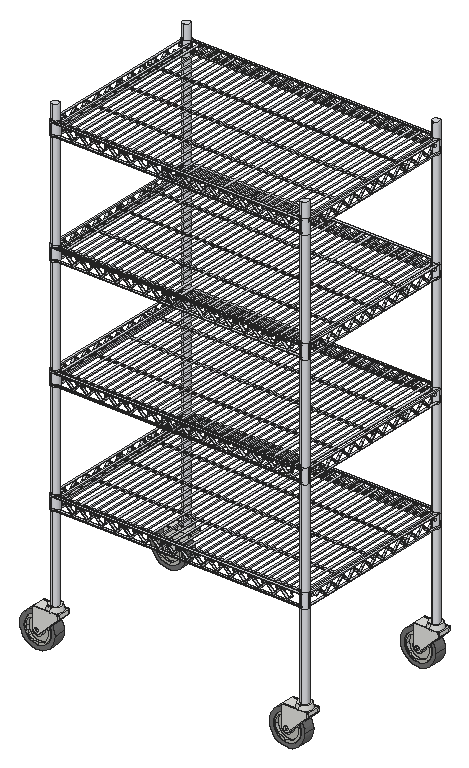
Revit family "Wire_Shelving-Salsbury_Industries-Mobile_Units_36_Wide", category Specialty Equipment, Revit 2016
Family settings
  Part Type = Normal
  Round Connector Dimension = Use Diameter
  OmniClass Number = 23.40.00.00
  OmniClass Title = Equipment and Furnishings
  Work Plane-Based = No
  Always vertical = Yes
  Cut with Voids When Loaded = No
  Shared = No
  Room Calculation Point = No
Parameters (values of type "9534M")
  Width = 36.000"
  Wheel Material = Rubber - Salsbury Finish - Black
  Wheel Hub = Plastic - Salsbury Finish - Gray
  Wheel Hardware = Steel -Salsbury Finish - Polished Steel
  Version = "1.0 (07/31/19)"
  URL = "www.lockers.com"
  Type Comments = "Mobile Wire Shelving"
  Shelf 4 = Wire_Shelving-Shelves : 9134
  Shelf 3 = Wire_Shelving-Shelves : 9134
  Shelf 2 = Wire_Shelving-Shelves : 9134
  Shelf 1 = Wire_Shelving-Shelves : 9134
  Primary Material [instance] = Stainless Steel - Salsbury Finish - Chrome Plated
  OmniClass 23 Title = "Equipment and Furnishings"
  OmniClass 23 Number = "23.40.00.00"
  Model = "9534M"
  MasterFormat Title = "Storage Assemblies"
  MasterFormat Number = "10 56 23"
  Manufacturer = "Salsbury Industries"
  Height = 69.000"
  Description = "36\" Wide - 69\" High - 24\" Deep - Certified by the National Sanitation Foundation (NSF)"
  Depth = 24.000"
  Assembly Description = "Shelving"
  Assembly Code = "C1030320"
Reference planes (in)
  plane 1 "Center (Front/Back)": y = 0
  plane 2: z = 0
  plane 3 "Center (Left/Right)": x = 0
  plane 4 "Bottom": z = 6
  plane 5: z = 37.5
  plane 6: z = 69
  plane 7: x = 18
  plane 8: x = -18
  plane 9: y = -12
  plane 10: y = 12
  plane 11 "Shelf 4": z = 20
  plane 12 "Shelf 3": z = 35.66667
  plane 13 "Shelf 2": z = 51.33333
  plane 14 "Shelf 1": z = 67
  plane 15: x = 17.5
  plane 16: x = -17.5
  plane 17: y = 11.5
  plane 18: y = -11.5
  plane 19: x = -17
  plane 20: x = 17
  plane 21: y = -11
  plane 22: y = 11
Forms (in)
  Extrusion 1, solid, material "Stainless Steel - Salsbury Finish - Chrome Plated" <- "Primary Material"
    sketch origin (0, 0, 6) x (0, -1, 0) y (1, 0, 0)
      loop
        circle (-11.5, -17.5) r 0.5
      loop
        circle (11.5, -17.5) r 0.5
      loop
        circle (-11.5, 17.5) r 0.5
      loop
        circle (11.5, 17.5) r 0.5
    from 0 to 63
Lines and regions (in)
  symbolic lines
    curve 1: line (-18, 0, 69) -> (-17, 0, 69)
    curve 2: line (-18, 0, 6) -> (-18, 0, 69)
    curve 3: line (-17, 0, 6) -> (-18, 0, 6)
    curve 4: line (-17, 0, 69) -> (-17, 0, 6)
    curve 5: line (17, 0, 69) -> (18, 0, 69)
    curve 6: line (17, 0, 6) -> (17, 0, 69)
    curve 7: line (18, 0, 6) -> (17, 0, 6)
    curve 8: line (18, 0, 69) -> (18, 0, 6)
    curve 9: line (0, -12, 69) -> (0, -11, 69)
    curve 10: line (0, -12, 6) -> (0, -12, 69)
    curve 11: line (0, -11, 6) -> (0, -12, 6)
    curve 12: line (0, -11, 69) -> (0, -11, 6)
    curve 13: line (0, 11, 69) -> (0, 12, 69)
    curve 14: line (0, 11, 6) -> (0, 11, 69)
    curve 15: line (0, 12, 6) -> (0, 11, 6)
    curve 16: line (0, 12, 69) -> (0, 12, 6)
Dimensions and locks (in)
  equal spacing: plane 6, plane 5, plane 4 "Bottom"
  "Height": plane 6 to plane 2
  equal spacing: plane 9, plane 1 "Center (Front/Back)", plane 10
  "Depth": plane 9 to plane 10
  equal spacing: plane 8, plane 3 "Center (Left/Right)", plane 7
  "Width": plane 8 to plane 7
  plane 8 to plane 16 = 0.500"
  plane 15 to plane 7 = 0.500"
  plane 17 to plane 10 = 0.500"
  plane 9 to plane 18 = 0.500"
  equal spacing: plane 14 "Shelf 1", plane 13 "Shelf 2", plane 12 "Shelf 3", plane 11 "Shelf 4"
  locked: plane 6 to plane 14 "Shelf 1" at 2
  locked: plane 11 "Shelf 4" to plane 4 "Bottom" at 14
  locked: plane 19 to plane 8 at 1
  locked: plane 20 to plane 7 at 1
  locked: plane 9 to plane 21 at 1
  locked: plane 22 to plane 10 at 1
  locked: plane 4 "Bottom" to plane 2 at 6
  aligned and locked: level to plane 2
  aligned and locked: plane 17 to Extrusion 1 sketch curve  (x2)
  aligned and locked: plane 16 to Extrusion 1 sketch curve  (x2)
  aligned and locked: plane 18 to Extrusion 1 sketch curve  (x2)
  aligned and locked: plane 15 to Extrusion 1 sketch curve  (x2)
  aligned and locked: plane 4 "Bottom" to Extrusion 1
  aligned and locked: Extrusion 1 to plane 6
  aligned and locked: plane 16 to nested 1
  aligned and locked: plane 18 to nested 1
  aligned and locked: plane 11 "Shelf 4" to nested 1
  aligned and locked: plane 18 to nested 2
  aligned and locked: plane 16 to nested 2
  aligned and locked: plane 12 "Shelf 3" to nested 2
  aligned and locked: plane 16 to nested 4
  aligned and locked: plane 18 to nested 4
  aligned and locked: plane 16 to nested 3
  aligned and locked: plane 18 to nested 3
  aligned and locked: plane 13 "Shelf 2" to nested 3
  aligned and locked: plane 14 "Shelf 1" to nested 4
  aligned and locked: curve 3 to plane 4 "Bottom"
  aligned and locked: curve 2 to plane 8
  aligned and locked: plane 6 to curve 1
  aligned and locked: curve 4 to plane 19
  aligned and locked: curve 7 to plane 4 "Bottom"
  aligned and locked: plane 20 to curve 6
  aligned and locked: plane 7 to curve 8
  aligned and locked: plane 6 to curve 5
  aligned and locked: curve 11 to plane 4 "Bottom"
  aligned and locked: curve 12 to plane 21
  aligned and locked: curve 10 to plane 9
  aligned and locked: plane 6 to curve 9
  aligned and locked: plane 6 to curve 13
  aligned and locked: plane 22 to curve 14
  aligned and locked: plane 10 to curve 16
  aligned and locked: curve 15 to plane 4 "Bottom"
  aligned and locked: nested 5 to plane 16
  aligned and locked: plane 18 to nested 5
  aligned and locked: nested 5 to plane 2
  aligned and locked: plane 17 to nested 6
  aligned and locked: plane 16 to nested 6
  aligned and locked: plane 2 to nested 6
  aligned and locked: nested 7 to plane 2
  aligned and locked: plane 2 to nested 8
  aligned and locked: plane 17 to nested 8
  aligned and locked: plane 15 to nested 8
  aligned and locked: plane 18 to nested 7
  aligned and locked: nested 7 to plane 15
Automatic sketch dimensions
  radius of Extrusion 1 sketch curve = 0.500"  (x4)
Nested families (in)
  nested 1: "Wire_Shelving-Shelves" at (0, 0, 18), type <- "Shelf 4", type "9134"
  nested 2: "Wire_Shelving-Shelves" at (0, 0, 33.66667), type <- "Shelf 3", type "9134"
  nested 3: "Wire_Shelving-Shelves" at (0, 0, 49.33333), type <- "Shelf 2", type "9134"
  nested 4: "Wire_Shelving-Shelves" at (0, 0, 65), type <- "Shelf 1", type "9134"
  nested 5: "Wire Shelving Wheel" at (-19.125, -11.5, 0), type "Wire Shelving Wheel"
  nested 6: "Wire Shelving Wheel" at (-19.125, 11.5, 0), type "Wire Shelving Wheel"
  nested 7: "Wire Shelving Wheel" at (15.875, -11.5, 0), type "Wire Shelving Wheel"
  nested 8: "Wire Shelving Wheel" at (15.875, 11.5, 0), type "Wire Shelving Wheel"
Definition of nested family "Wire_Shelving-Shelves"
  Parameters (values of type "9154")
    Wire Support Array = 5
    Wire Platform Support Spacing = 5.403"
    Wire Platform Spacing = 1.003"
    Wire Platform Array - Long Edge = 57
    Wire Pattern Spacing = 2.00818"
    Wire Pattern Offset = 3.500"
    Wire Pattern Array - Short Edge = 10
    Wire Pattern Array - Long Edge = 28
    Wire Bar Depth = Depth + 0.158"  # 24.158"
    Width = 60.000"
    Type Comments = "Shelf for Wire Shelving"
    Primary Material = none
    Model = "9154"
    Manufacturer = "Salsbury Industries"
    Height = 2.000"
    Description = "60\" Wide - 24\" Deep"
    Depth = 24.000"
  Types (6): name | Wire Support Array | Wire Platform Support Spacing | Wire Platform Array - Long Edge | Wire Pattern Array - Short Edge | Wire Pattern Array - Long Edge | Wire Bar Depth | Width | Model | Description | Depth
    9154 | 5 | 5.403" | 57 | 10 | 28 | 24.158" | 60.000" | "9154" | "60\" Wide - 24\" Deep" | 24.000"
    9144 | 5 | 5.403" | 45 | 10 | 22 | 24.158" | 48.000" | "9144" | "48\" Wide - 24\" Deep" | 24.000"
    9134 | 5 | 5.403" | 33 | 10 | 16 | 24.158" | 36.000" | "9134" | "36\" Wide - 24\" Deep" | 24.000"
    9138 | 4 | 5.205" | 33 | 7 | 16 | 18.158" | 36.000" | "9138" | "36\" Wide - 18\" Deep" | 18.000"
    9148 | 4 | 5.205" | 45 | 7 | 22 | 18.158" | 48.000" | "9148" | "48\" Wide - 18\" Deep" | 18.000"
    9158 | 4 | 5.205" | 57 | 7 | 28 | 18.158" | 60.000" | "9158" | "60\" Wide - 18\" Deep" | 18.000"
  Reference planes (in)
    plane 1 "Center (Front/Back)": y = 0
    plane 2: z = 0
    plane 3 "Center (Left/Right)": x = 0
    plane 4 "Bottom": z = 0
    plane 5: z = 1
    plane 6: z = 2
    plane 7: x = 30
    plane 8: x = -30
    plane 9: y = -12
    plane 10: y = 12
    plane 11: x = 29.5
    plane 12: x = -29.5
    plane 13: y = 11.5
    plane 14: y = -11.5
    plane 15: y = -12.079
    plane 16: y = 12.079
    plane 17: x = -30.079
    plane 18: x = 30.079
    plane 19 "Frame - upper": z = 1.775
    plane 20 "Frame-lower": z = 0.225
    plane 21: y = 11.966
    plane 22: y = -11.966
    plane 23: x = 29.966
    plane 24: x = -29.966
    plane 25: y = 11.853
    plane 26: x = 29.70546
    plane 27: x = 29.853
    plane 28: x = -29.853
    plane 29: y = -11.853
    plane 30: z = 1.662
    plane 31: z = 0.338
    plane 32: x = -26.579
    plane 33: x = -24.57082
    plane 34: y = -8.579
    plane 35: y = -6.57082
    plane 36: x = -28.04134
    plane 37: x = -27.03834
    plane 38: x = -29.034
    plane 39: z = 1.54896
    plane 40: x = 29.03397
    plane 41: y = -10.80869
    plane 42: z = 1.32294
    plane 43: y = 10.809
    plane 44: y = -5.40569
    plane 45: y = 10.921
    plane 46: y = -10.921
    plane 47: z = 0.11134
    plane 48: z = 1.889
    plane 49: x = -28.921
    plane 50: x = 28.921
    plane 51: x = 29.14697
    plane 52: x = -29.147
  Forms (in)
    Extrusion 1, solid, material <- "Primary Material"
      sketch origin (0, 0, 0) x (0, -1, 0) y (1, 0, 0)
        loop
          circle (-11.5, -29.5) r 0.5
        loop
          circle (11.5, -29.5) r 0.5
        loop
          circle (-11.5, 29.5) r 0.5
        loop
          circle (11.5, 29.5) r 0.5
        loop
          circle (-11.5, 29.5) r 0.579
        loop
          circle (11.5, 29.5) r 0.579
        loop
          circle (-11.5, -29.5) r 0.579
        loop
          circle (11.5, -29.5) r 0.579
      from 0 to 2
    Extrusion 2, solid, material <- "Primary Material"
      sketch origin (0, 0.03743, 0) x (0, 1, 0) y (0, 0, 1)
        loop
          circle (11.92857, 1.775) r 0.113
        loop
          circle (11.92857, 0.225) r 0.113
        loop
          circle (-12.00343, 1.775) r 0.113
        loop
          circle (-12.00343, 0.225) r 0.113
      from -29.5 to 29.5
    Extrusion 3, solid, material <- "Primary Material"
      sketch origin (0, 0, 0) x (1, 0, 0) y (0, 0, 1)
        loop
          circle (-29.966, 1.775) r 0.113
        loop
          circle (-29.966, 0.225) r 0.113
        loop
          circle (29.966, 1.775) r 0.113
        loop
          circle (29.966, 0.225) r 0.113
      from -11.5 to 11.5
    Extrusion 4, solid, material <- "Primary Material"
      sketch origin (-0.13766, 0, -0.02103) x (1, 0, 0) y (0, 0, 1)
        loop
          circle (-28.89634, 1.56999) r 0.113
      from -11.5 to 11.5
    Extrusion 5, solid, material <- "Primary Material"
      sketch origin (0.13766, 0, -0.02103) x (-1, 0, 0) y (0, 0, -1)
        loop
          circle (-28.89631, -1.56999) r 0.113
      from -11.5 to 11.5
    Extrusion 6, void
      sketch origin (0, 0, 0) x (0, -1, 0) y (1, 0, 0)
        loop
          circle (-11.5, -29.5) r 0.5
        loop
          circle (11.5, -29.5) r 0.5
        loop
          circle (-11.5, 29.5) r 0.5
        loop
          circle (11.5, 29.5) r 0.5
      from 0 to 2
  Cuts and joins
    Extrusion 6 cuts Extrusion 1
    Extrusion 6 cuts Extrusion 2
    Extrusion 6 cuts Extrusion 3
    Extrusion 6 cuts Extrusion 4
    Extrusion 6 cuts Extrusion 5
  Lines and regions (in)
    symbolic lines
      curve 1: circle (-29.5, 11.5, 0) r 0.579 normal (0, 0, -1)
      curve 2: circle (-29.5, -11.5, 0) r 0.579 normal (0, 0, -1)
      curve 3: circle (29.5, -11.5, 0) r 0.579 normal (0, 0, -1)
      curve 4: circle (29.5, 11.5, 0) r 0.579 normal (0, 0, -1)
      curve 5: line (29.5, 12.079, 0) -> (-29.5, 12.079, 0)
      curve 6: line (29.03397, 11.853, 0) -> (-29.034, 11.853, 0)
      curve 7: line (29.5, -12.079, 0) -> (-29.5, -12.079, 0)
      curve 8: line (29.03397, -11.853, 0) -> (-29.034, -11.853, 0)
      curve 9: line (30.079, -11.5, 0) -> (30.079, 11.5, 0)
      curve 10: line (29.853, -10.80869, 0) -> (29.853, 10.809, 0)
      curve 11: line (-30.079, -11.5, 0) -> (-30.079, 11.5, 0)
      curve 12: line (-29.853, -10.80869, 0) -> (-29.853, 10.809, 0)
      curve 13: line (0, 10.921, 2) -> (0, 12.079, 2)
      curve 14: line (0, 10.921, 0) -> (0, 10.921, 2)
      curve 15: line (0, 12.079, 0) -> (0, 10.921, 0)
      curve 16: line (0, 12.079, 2) -> (0, 12.079, 0)
      curve 17: line (0, -12.079, 2) -> (0, -10.921, 2)
      curve 18: line (0, -12.079, 0) -> (0, -12.079, 2)
      curve 19: line (0, -10.921, 0) -> (0, -12.079, 0)
      curve 20: line (0, -10.921, 2) -> (0, -10.921, 0)
      curve 21: line (0, -10.921, 0.11134) -> (0, 10.921, 0.11134)
      curve 22: line (0, 10.921, 0.338) -> (0, -10.921, 0.338)
      curve 23: line (0, 10.921, 1.889) -> (0, -10.921, 1.889)
      curve 24: line (0, 10.921, 1.662) -> (0, -10.921, 1.662)
      curve 25: line (-30.079, 0, 2) -> (-28.921, 0, 2)
      curve 26: line (-30.079, 0, 0) -> (-30.079, 0, 2)
      curve 27: line (-28.921, 0, 0) -> (-30.079, 0, 0)
      curve 28: line (-28.921, 0, 2) -> (-28.921, 0, 0)
      curve 29: line (28.921, 0, 2) -> (30.079, 0, 2)
      curve 30: line (28.921, 0, 0) -> (28.921, 0, 2)
      curve 31: line (30.079, 0, 0) -> (28.921, 0, 0)
      curve 32: line (30.079, 0, 2) -> (30.079, 0, 0)
      curve 33: line (28.921, 0, 1.889) -> (-28.921, 0, 1.889)
      curve 34: line (28.921, 0, 1.662) -> (-28.921, 0, 1.662)
      curve 35: line (28.921, 0, 0.338) -> (-28.921, 0, 0.338)
      curve 36: line (28.921, 0, 0.11134) -> (-28.921, 0, 0.11134)
      curve 39: line (29.14697, 10.921, 0) -> (29.14697, -10.921, 0)
      curve 40: line (28.921, -11.5, 0) -> (28.921, 11.5, 0)
      curve 41: line (-29.147, -10.921, 0) -> (-29.147, 10.921, 0)
      curve 42: line (-28.921, -11.5, 0) -> (-28.921, 11.5, 0)
    reference lines
      curve 37: line (-30, -11.5, 0) -> (-29, -11.5, 0)
      curve 38: line (-29.5, -11, 0) -> (-29.5, -12, 0)
  Dimensions and locks (in)
    equal spacing: plane 6, plane 5, plane 4 "Bottom"
    "Height": plane 6 to plane 4 "Bottom"
    equal spacing: plane 9, plane 1 "Center (Front/Back)", plane 10
    "Depth": plane 9 to plane 10
    equal spacing: plane 8, plane 3 "Center (Left/Right)", plane 7
    "Width": plane 8 to plane 7
    locked: plane 8 to plane 12 at 0.5
    locked: plane 11 to plane 7 at 0.5
    locked: plane 13 to plane 10 at 0.5
    locked: plane 9 to plane 14 at 0.5
    locked: plane 10 to plane 16 at 0.079
    locked: plane 15 to plane 9 at 0.079
    locked: plane 17 to plane 8 at 0.079
    locked: plane 7 to plane 18 at 0.079
    locked: plane 20 "Frame-lower" to plane 4 "Bottom" at 0.225
    locked: plane 6 to plane 19 "Frame - upper" at 0.225
    locked: plane 21 to plane 10 at 0.034
    locked: plane 9 to plane 22 at 0.034
    locked: plane 23 to plane 7 at 0.034
    locked: plane 8 to plane 24 at 0.034
    locked: plane 16 to plane 25 at 0.226
    locked: plane 27 to plane 18 at 0.226
    locked: plane 17 to plane 28 at 0.226
    locked: plane 15 to plane 29 at 0.226
    locked: plane 6 to plane 30 at 0.338
    locked: plane 31 to plane 4 "Bottom" at 0.338
    "Wire Pattern Offset": plane 17 to plane 32
    equal spacing: group 1, group 2, group 3, group 4, group 5, group 6, group 7, group 8, group 9, group 10, group 11, group 12, group 13, group 14, group 15, group 16, group 84, group 85, group 86, group 87, group 88, group 89, group 108, group 109, group 110, group 111, group 112, group 113  (x3)
    "Wire Pattern Spacing": plane 32 to plane 33
    equal spacing: group 17, group 18, group 19, group 20, group 21, group 22, group 23, group 24, group 25, group 26, group 27, group 28, group 29, group 30, group 31, group 32, group 90, group 91, group 92, group 93, group 94, group 95, group 114, group 115, group 116, group 117, group 118, group 119  (x3)
    "Wire Pattern Offset": plane 15 to plane 34
    "Wire Pattern Spacing": plane 34 to plane 35
    equal spacing: group 33, group 34, group 35, group 39, group 40, group 41, group 42, group 132, group 133, group 134  (x3)
    equal spacing: group 36, group 37, group 38, group 43, group 44, group 45, group 46, group 135, group 136, group 137  (x3)
    locked: plane 36 to plane 17 at 2.03766
    "Wire Platform Spacing": plane 37 to plane 36
    equal spacing: group 47, group 48, group 49, group 50, group 51, group 52, group 53, group 54, group 55, group 56, group 57, group 58, group 59, group 60, group 61, group 62, group 63, group 64, group 65, group 66, group 67, group 68, group 69, group 70, group 71, group 72, group 73, group 74, group 75, group 76, group 77, group 78, group 79, group 96, group 97, group 98, group 99, group 100, group 101, group 102, group 103, group 104, group 105, group 106, group 107, group 120, group 121, group 122, group 123, group 124, group 125, group 126, group 127, group 128, group 129, group 130, group 131  (x3)
    locked: plane 6 to plane 39 at 0.45104
    locked: plane 17 to plane 38 at 1.045
    locked: plane 40 to plane 18 at 1.04503
    locked: plane 42 to plane 6 at 0.67706
    locked: plane 15 to plane 41 at 1.27031
    plane 43 to plane 16 = 1.270"
    equal spacing: group 80, group 81, group 82, group 83, group 138  (x3)
    "Wire Platform Support Spacing": plane 41 to plane 44
    locked: plane 45 to plane 16 at 1.158
    locked: plane 15 to plane 46 at 1.158
    locked: plane 4 "Bottom" to plane 47 at 0.11134
    locked: plane 48 to plane 6 at 0.111
    locked: plane 49 to plane 38 at 0.113
    locked: plane 40 to plane 50 at 0.11297
    locked: plane 50 to plane 51 at 0.22597
    locked: plane 52 to plane 49 at 0.226
    aligned and locked: level to plane 2
    aligned and locked: plane 4 "Bottom" to plane 2
    aligned and locked: plane 13 to Extrusion 1 sketch curve  (x4)
    aligned and locked: plane 12 to Extrusion 1 sketch curve  (x4)
    aligned and locked: plane 14 to Extrusion 1 sketch curve  (x4)
    aligned and locked: plane 11 to Extrusion 1 sketch curve  (x4)
    aligned and locked: plane 4 "Bottom" to Extrusion 1
    aligned and locked: Extrusion 1 to plane 6
    aligned and locked: plane 19 "Frame - upper" to Extrusion 2 sketch curve  (x2)
    aligned and locked: Extrusion 2 to plane 11
    aligned and locked: plane 12 to Extrusion 2
    aligned and locked: plane 21 to Extrusion 2 sketch curve  (x2)
    aligned and locked: plane 20 "Frame-lower" to Extrusion 2 sketch curve  (x2)
    aligned and locked: plane 22 to Extrusion 2 sketch curve  (x2)
    aligned and locked: plane 24 to Extrusion 3 sketch curve  (x2)
    aligned and locked: plane 20 "Frame-lower" to Extrusion 3 sketch curve  (x2)
    aligned and locked: plane 19 "Frame - upper" to Extrusion 3 sketch curve  (x2)
    aligned and locked: plane 23 to Extrusion 3 sketch curve  (x2)
    aligned and locked: plane 14 to Extrusion 3
    aligned and locked: Extrusion 3 to plane 13
    aligned and locked: nested 1 to plane 30
    aligned and locked: plane 22 to nested 1
    aligned and locked: nested 1 to plane 32
    aligned and locked: plane 22 to nested 2
    aligned and locked: nested 2 to plane 30
    aligned and locked: nested 2 to plane 33
    aligned and locked: nested 17 to plane 32
    aligned and locked: nested 18 to plane 33
    aligned and locked: nested 17 to plane 30
    aligned and locked: nested 18 to plane 30
    aligned and locked: plane 21 to nested 17
    aligned and locked: plane 21 to nested 18
    aligned and locked: nested 33 to plane 23
    aligned and locked: nested 33 to plane 34
    aligned and locked: nested 33 to plane 30
    aligned and locked: nested 34 to plane 23
    aligned and locked: nested 34 to plane 30
    aligned and locked: nested 34 to plane 35
    aligned and locked: nested 36 to plane 34
    aligned and locked: nested 37 to plane 35
    aligned and locked: nested 36 to plane 30
    aligned and locked: nested 37 to plane 30
    aligned and locked: nested 36 to plane 24
    aligned and locked: nested 37 to plane 24
    aligned and locked: plane 36 to nested 47
    aligned and locked: nested 47 to plane 30
    aligned and locked: plane 15 to nested 47
    aligned and locked: nested 48 to plane 30
    aligned and locked: plane 37 to nested 48
    aligned and locked: plane 15 to nested 48
    aligned and locked: plane 38 to Extrusion 4 sketch curve
    aligned and locked: plane 39 to Extrusion 4 sketch curve
    aligned and locked: plane 40 to Extrusion 5 sketch curve
    aligned and locked: plane 39 to Extrusion 5 sketch curve
    aligned and locked: Extrusion 4 to plane 13
    aligned and locked: plane 14 to Extrusion 4
    aligned and locked: Extrusion 5 to plane 13
    aligned and locked: plane 14 to Extrusion 5
    aligned and locked: plane 42 to nested 80
    aligned and locked: plane 41 to nested 80
    aligned and locked: nested 81 to plane 44
    aligned and locked: plane 42 to nested 81
    aligned and locked: plane 8 to nested 80
    aligned and locked: plane 8 to nested 81
    aligned and locked: plane 13 to Extrusion 6 sketch curve  (x2)
    aligned and locked: plane 12 to Extrusion 6 sketch curve  (x2)
    aligned and locked: plane 14 to Extrusion 6 sketch curve  (x2)
    aligned and locked: plane 11 to Extrusion 6 sketch curve  (x2)
    aligned and locked: Extrusion 6 to level
    aligned and locked: plane 11 to curve 5
    aligned and locked: plane 12 to curve 5
    aligned and locked: plane 40 to curve 6
    aligned and locked: plane 38 to curve 6
    aligned and locked: plane 25 to curve 6
    aligned and locked: curve 5 to plane 16
    aligned and locked: plane 11 to curve 7
    aligned and locked: plane 12 to curve 7
    aligned and locked: plane 40 to curve 8
    aligned and locked: plane 38 to curve 8
    aligned and locked: curve 8 to plane 29
    aligned and locked: curve 7 to plane 15
    aligned and locked: plane 14 to curve 9
    aligned and locked: plane 13 to curve 9
    aligned and locked: plane 41 to curve 10
    aligned and locked: plane 43 to curve 10
    aligned and locked: plane 27 to curve 10
    aligned and locked: curve 9 to plane 18
    aligned and locked: plane 14 to curve 11
    aligned and locked: plane 13 to curve 11
    aligned and locked: plane 41 to curve 12
    aligned and locked: plane 43 to curve 12
    aligned and locked: curve 11 to plane 17
    aligned and locked: plane 28 to curve 12
    aligned and locked: plane 45 to curve 14
    aligned and locked: plane 16 to curve 16
    aligned and locked: plane 6 to curve 13
    aligned and locked: curve 15 to plane 4 "Bottom"
    aligned and locked: curve 20 to plane 46
    aligned and locked: curve 18 to plane 15
    aligned and locked: plane 6 to curve 17
    aligned and locked: curve 19 to plane 4 "Bottom"
    aligned and locked: plane 46 to curve 21
    aligned and locked: plane 45 to curve 21
    aligned and locked: curve 21 to plane 47
    aligned and locked: plane 31 to curve 22
    aligned and locked: plane 45 to curve 23
    aligned and locked: curve 23 to plane 48
    aligned and locked: plane 46 to curve 24
    aligned and locked: plane 30 to curve 24
    aligned and locked: curve 28 to plane 49
    aligned and locked: curve 26 to plane 17
    aligned and locked: plane 6 to curve 25
    aligned and locked: curve 27 to plane 4 "Bottom"
    aligned and locked: plane 6 to curve 29
    aligned and locked: curve 31 to plane 4 "Bottom"
    aligned and locked: plane 18 to curve 32
    aligned and locked: plane 49 to curve 36
    aligned and locked: plane 49 to curve 35
    aligned and locked: plane 50 to curve 35
    aligned and locked: plane 31 to curve 35
    aligned and locked: plane 50 to curve 36
    aligned and locked: curve 36 to plane 47
    aligned and locked: plane 30 to curve 34
    aligned and locked: plane 50 to curve 33
    aligned and locked: curve 33 to plane 48
    aligned and locked: plane 14 to curve 37
    aligned and locked: plane 12 to curve 38
    aligned and locked: plane 45 to curve 39
    aligned and locked: plane 46 to curve 39
    aligned and locked: curve 39 to plane 51
    aligned and locked: plane 14 to curve 40
    aligned and locked: plane 13 to curve 40
    aligned and locked: plane 50 to curve 40
    aligned and locked: plane 46 to curve 41
    aligned and locked: plane 45 to curve 41
    aligned and locked: plane 52 to curve 41
    aligned and locked: plane 14 to curve 42
    aligned and locked: plane 13 to curve 42
    aligned and locked: plane 49 to curve 42
  Automatic sketch dimensions
    plane 9 to curve 38 = 0.000"
    curve 37 to plane 8 = 0.000"
    curve 38 to plane 46 = 0.079"
    plane 38 to curve 37 = 0.034"
    radius of Extrusion 1 sketch curve = 0.500"  (x4)
    radius of Extrusion 1 sketch curve = 0.579"  (x4)
    radius of Extrusion 2 sketch curve = 0.113"  (x4)
    radius of Extrusion 3 sketch curve = 0.113"  (x4)
    radius of Extrusion 4 sketch curve = 0.113"
    radius of Extrusion 5 sketch curve = 0.113"
    radius of Extrusion 6 sketch curve = 0.500"  (x4)
  Nested families (in)
    nested 1: "Wire Pattern" at (-26.579, -11.966, 0.338), Wire Material <- "Primary Material", type "Wire Pattern"
      with Wire Material none
    nested 2: "Wire Pattern" at (-24.57082, -11.966, 0.338), Wire Material <- "Primary Material", type "Wire Pattern"
      with Wire Material none
    nested 3: "Wire Pattern" at (-22.56263, -11.966, 0.338), Wire Material <- "Primary Material", type "Wire Pattern"
      with Wire Material none
    nested 4: "Wire Pattern" at (-20.55445, -11.966, 0.338), Wire Material <- "Primary Material", type "Wire Pattern"
      with Wire Material none
    nested 5: "Wire Pattern" at (-18.54627, -11.966, 0.338), Wire Material <- "Primary Material", type "Wire Pattern"
      with Wire Material none
    nested 6: "Wire Pattern" at (-16.53808, -11.966, 0.338), Wire Material <- "Primary Material", type "Wire Pattern"
      with Wire Material none
    nested 7: "Wire Pattern" at (-14.5299, -11.966, 0.338), Wire Material <- "Primary Material", type "Wire Pattern"
      with Wire Material none
    nested 8: "Wire Pattern" at (-12.52172, -11.966, 0.338), Wire Material <- "Primary Material", type "Wire Pattern"
      with Wire Material none
    nested 9: "Wire Pattern" at (-10.51353, -11.966, 0.338), Wire Material <- "Primary Material", type "Wire Pattern"
      with Wire Material none
    nested 10: "Wire Pattern" at (-8.50535, -11.966, 0.338), Wire Material <- "Primary Material", type "Wire Pattern"
      with Wire Material none
    nested 11: "Wire Pattern" at (-6.49717, -11.966, 0.338), Wire Material <- "Primary Material", type "Wire Pattern"
      with Wire Material none
    nested 12: "Wire Pattern" at (-4.48898, -11.966, 0.338), Wire Material <- "Primary Material", type "Wire Pattern"
      with Wire Material none
    nested 13: "Wire Pattern" at (-2.4808, -11.966, 0.338), Wire Material <- "Primary Material", type "Wire Pattern"
      with Wire Material none
    nested 14: "Wire Pattern" at (-0.47262, -11.966, 0.338), Wire Material <- "Primary Material", type "Wire Pattern"
      with Wire Material none
    nested 15: "Wire Pattern" at (1.53557, -11.966, 0.338), Wire Material <- "Primary Material", type "Wire Pattern"
      with Wire Material none
    nested 16: "Wire Pattern" at (3.54375, -11.966, 0.338), Wire Material <- "Primary Material", type "Wire Pattern"
      with Wire Material none
    nested 17: "Wire Pattern" at (-26.579, 11.966, 0.338), Wire Material <- "Primary Material", type "Wire Pattern"
      with Wire Material none
    nested 18: "Wire Pattern" at (-24.57082, 11.966, 0.338), Wire Material <- "Primary Material", type "Wire Pattern"
      with Wire Material none
    nested 19: "Wire Pattern" at (-22.56263, 11.966, 0.338), Wire Material <- "Primary Material", type "Wire Pattern"
      with Wire Material none
    nested 20: "Wire Pattern" at (-20.55445, 11.966, 0.338), Wire Material <- "Primary Material", type "Wire Pattern"
      with Wire Material none
    nested 21: "Wire Pattern" at (-18.54627, 11.966, 0.338), Wire Material <- "Primary Material", type "Wire Pattern"
      with Wire Material none
    nested 22: "Wire Pattern" at (-16.53808, 11.966, 0.338), Wire Material <- "Primary Material", type "Wire Pattern"
      with Wire Material none
    nested 23: "Wire Pattern" at (-14.5299, 11.966, 0.338), Wire Material <- "Primary Material", type "Wire Pattern"
      with Wire Material none
    nested 24: "Wire Pattern" at (-12.52172, 11.966, 0.338), Wire Material <- "Primary Material", type "Wire Pattern"
      with Wire Material none
    nested 25: "Wire Pattern" at (-10.51353, 11.966, 0.338), Wire Material <- "Primary Material", type "Wire Pattern"
      with Wire Material none
    nested 26: "Wire Pattern" at (-8.50535, 11.966, 0.338), Wire Material <- "Primary Material", type "Wire Pattern"
      with Wire Material none
    nested 27: "Wire Pattern" at (-6.49717, 11.966, 0.338), Wire Material <- "Primary Material", type "Wire Pattern"
      with Wire Material none
    nested 28: "Wire Pattern" at (-4.48898, 11.966, 0.338), Wire Material <- "Primary Material", type "Wire Pattern"
      with Wire Material none
    nested 29: "Wire Pattern" at (-2.4808, 11.966, 0.338), Wire Material <- "Primary Material", type "Wire Pattern"
      with Wire Material none
    nested 30: "Wire Pattern" at (-0.47262, 11.966, 0.338), Wire Material <- "Primary Material", type "Wire Pattern"
      with Wire Material none
    nested 31: "Wire Pattern" at (1.53557, 11.966, 0.338), Wire Material <- "Primary Material", type "Wire Pattern"
      with Wire Material none
    nested 32: "Wire Pattern" at (3.54375, 11.966, 0.338), Wire Material <- "Primary Material", type "Wire Pattern"
      with Wire Material none
    nested 33: "Wire Pattern" at (29.966, -8.579, 0.338) x (0, 1, 0) z (0, 0, 1), Wire Material <- "Primary Material", type "Wire Pattern"
      with Wire Material none
    nested 34: "Wire Pattern" at (29.966, -6.57082, 0.338) x (0, 1, 0) z (0, 0, 1), Wire Material <- "Primary Material", type "Wire Pattern"
      with Wire Material none
    nested 35: "Wire Pattern" at (29.966, -4.56263, 0.338) x (0, 1, 0) z (0, 0, 1), Wire Material <- "Primary Material", type "Wire Pattern"
      with Wire Material none
    nested 36: "Wire Pattern" at (-29.966, -8.579, 0.338) x (0, 1, 0) z (0, 0, 1), Wire Material <- "Primary Material", type "Wire Pattern"
      with Wire Material none
    nested 37: "Wire Pattern" at (-29.966, -6.57082, 0.338) x (0, 1, 0) z (0, 0, 1), Wire Material <- "Primary Material", type "Wire Pattern"
      with Wire Material none
    nested 38: "Wire Pattern" at (-29.966, -4.56263, 0.338) x (0, 1, 0) z (0, 0, 1), Wire Material <- "Primary Material", type "Wire Pattern"
      with Wire Material none
    nested 39: "Wire Pattern" at (29.966, -2.55445, 0.338) x (0, 1, 0) z (0, 0, 1), Wire Material <- "Primary Material", type "Wire Pattern"
      with Wire Material none
    nested 40: "Wire Pattern" at (29.966, -0.54627, 0.338) x (0, 1, 0) z (0, 0, 1), Wire Material <- "Primary Material", type "Wire Pattern"
      with Wire Material none
    nested 41: "Wire Pattern" at (29.966, 1.46192, 0.338) x (0, 1, 0) z (0, 0, 1), Wire Material <- "Primary Material", type "Wire Pattern"
      with Wire Material none
    nested 42: "Wire Pattern" at (29.966, 3.4701, 0.338) x (0, 1, 0) z (0, 0, 1), Wire Material <- "Primary Material", type "Wire Pattern"
      with Wire Material none
    nested 43: "Wire Pattern" at (-29.966, -2.55445, 0.338) x (0, 1, 0) z (0, 0, 1), Wire Material <- "Primary Material", type "Wire Pattern"
      with Wire Material none
    nested 44: "Wire Pattern" at (-29.966, -0.54627, 0.338) x (0, 1, 0) z (0, 0, 1), Wire Material <- "Primary Material", type "Wire Pattern"
      with Wire Material none
    nested 45: "Wire Pattern" at (-29.966, 1.46192, 0.338) x (0, 1, 0) z (0, 0, 1), Wire Material <- "Primary Material", type "Wire Pattern"
      with Wire Material none
    nested 46: "Wire Pattern" at (-29.966, 3.4701, 0.338) x (0, 1, 0) z (0, 0, 1), Wire Material <- "Primary Material", type "Wire Pattern"
      with Wire Material none
    nested 47: "Wire Bar" at (-28.04134, -1.51629, 1.436) x (0, 1, 0) z (0, 0, 1), type "Wire Bar"
      with Width 24.158"
    nested 48: "Wire Bar" at (-27.03834, -1.51629, 1.436) x (0, 1, 0) z (0, 0, 1), type "Wire Bar"
      with Width 24.158"
    nested 49: "Wire Bar" at (-26.03534, -1.51629, 1.436) x (0, 1, 0) z (0, 0, 1), type "Wire Bar"
      with Width 24.158"
    nested 50: "Wire Bar" at (-25.03234, -1.51629, 1.436) x (0, 1, 0) z (0, 0, 1), type "Wire Bar"
      with Width 24.158"
    nested 51: "Wire Bar" at (-24.02934, -1.51629, 1.436) x (0, 1, 0) z (0, 0, 1), type "Wire Bar"
      with Width 24.158"
    nested 52: "Wire Bar" at (-23.02634, -1.51629, 1.436) x (0, 1, 0) z (0, 0, 1), type "Wire Bar"
      with Width 24.158"
    nested 53: "Wire Bar" at (-22.02334, -1.51629, 1.436) x (0, 1, 0) z (0, 0, 1), type "Wire Bar"
      with Width 24.158"
    nested 54: "Wire Bar" at (-21.02034, -1.51629, 1.436) x (0, 1, 0) z (0, 0, 1), type "Wire Bar"
      with Width 24.158"
    nested 55: "Wire Bar" at (-20.01734, -1.51629, 1.436) x (0, 1, 0) z (0, 0, 1), type "Wire Bar"
      with Width 24.158"
    nested 56: "Wire Bar" at (-19.01434, -1.51629, 1.436) x (0, 1, 0) z (0, 0, 1), type "Wire Bar"
      with Width 24.158"
    nested 57: "Wire Bar" at (-18.01134, -1.51629, 1.436) x (0, 1, 0) z (0, 0, 1), type "Wire Bar"
      with Width 24.158"
    nested 58: "Wire Bar" at (-17.00834, -1.51629, 1.436) x (0, 1, 0) z (0, 0, 1), type "Wire Bar"
      with Width 24.158"
    nested 59: "Wire Bar" at (-16.00534, -1.51629, 1.436) x (0, 1, 0) z (0, 0, 1), type "Wire Bar"
      with Width 24.158"
    nested 60: "Wire Bar" at (-15.00234, -1.51629, 1.436) x (0, 1, 0) z (0, 0, 1), type "Wire Bar"
      with Width 24.158"
    nested 61: "Wire Bar" at (-13.99934, -1.51629, 1.436) x (0, 1, 0) z (0, 0, 1), type "Wire Bar"
      with Width 24.158"
    nested 62: "Wire Bar" at (-12.99634, -1.51629, 1.436) x (0, 1, 0) z (0, 0, 1), type "Wire Bar"
      with Width 24.158"
    nested 63: "Wire Bar" at (-11.99334, -1.51629, 1.436) x (0, 1, 0) z (0, 0, 1), type "Wire Bar"
      with Width 24.158"
    nested 64: "Wire Bar" at (-10.99034, -1.51629, 1.436) x (0, 1, 0) z (0, 0, 1), type "Wire Bar"
      with Width 24.158"
    nested 65: "Wire Bar" at (-9.98734, -1.51629, 1.436) x (0, 1, 0) z (0, 0, 1), type "Wire Bar"
      with Width 24.158"
    nested 66: "Wire Bar" at (-8.98434, -1.51629, 1.436) x (0, 1, 0) z (0, 0, 1), type "Wire Bar"
      with Width 24.158"
    nested 67: "Wire Bar" at (-7.98134, -1.51629, 1.436) x (0, 1, 0) z (0, 0, 1), type "Wire Bar"
      with Width 24.158"
    nested 68: "Wire Bar" at (-6.97834, -1.51629, 1.436) x (0, 1, 0) z (0, 0, 1), type "Wire Bar"
      with Width 24.158"
    nested 69: "Wire Bar" at (-5.97534, -1.51629, 1.436) x (0, 1, 0) z (0, 0, 1), type "Wire Bar"
      with Width 24.158"
    nested 70: "Wire Bar" at (-4.97234, -1.51629, 1.436) x (0, 1, 0) z (0, 0, 1), type "Wire Bar"
      with Width 24.158"
    nested 71: "Wire Bar" at (-3.96934, -1.51629, 1.436) x (0, 1, 0) z (0, 0, 1), type "Wire Bar"
      with Width 24.158"
    nested 72: "Wire Bar" at (-2.96634, -1.51629, 1.436) x (0, 1, 0) z (0, 0, 1), type "Wire Bar"
      with Width 24.158"
    nested 73: "Wire Bar" at (-1.96334, -1.51629, 1.436) x (0, 1, 0) z (0, 0, 1), type "Wire Bar"
      with Width 24.158"
    nested 74: "Wire Bar" at (-0.96034, -1.51629, 1.436) x (0, 1, 0) z (0, 0, 1), type "Wire Bar"
      with Width 24.158"
    nested 75: "Wire Bar" at (0.04266, -1.51629, 1.436) x (0, 1, 0) z (0, 0, 1), type "Wire Bar"
      with Width 24.158"
    nested 76: "Wire Bar" at (1.04566, -1.51629, 1.436) x (0, 1, 0) z (0, 0, 1), type "Wire Bar"
      with Width 24.158"
    nested 77: "Wire Bar" at (2.04866, -1.51629, 1.436) x (0, 1, 0) z (0, 0, 1), type "Wire Bar"
      with Width 24.158"
    nested 78: "Wire Bar" at (3.05166, -1.51629, 1.436) x (0, 1, 0) z (0, 0, 1), type "Wire Bar"
      with Width 24.158"
    nested 79: "Wire Bar" at (4.05466, -1.51629, 1.436) x (0, 1, 0) z (0, 0, 1), type "Wire Bar"
      with Width 24.158"
    nested 80: "Wire Bar_long" at (-19.43729, -10.80869, 1.20994), type "Wire Bar_long"
    nested 81: "Wire Bar_long" at (-19.43729, -5.40569, 1.20994), type "Wire Bar_long"
    nested 82: "Wire Bar_long" at (-19.43729, -0.00269, 1.20994), type "Wire Bar_long"
    nested 83: "Wire Bar_long" at (-19.43729, 5.40031, 1.20994), type "Wire Bar_long"
    nested 84: "Wire Pattern" at (5.55193, -11.966, 0.338), Wire Material <- "Primary Material", type "Wire Pattern"
      with Wire Material none
    nested 85: "Wire Pattern" at (7.56012, -11.966, 0.338), Wire Material <- "Primary Material", type "Wire Pattern"
      with Wire Material none
    nested 86: "Wire Pattern" at (9.5683, -11.966, 0.338), Wire Material <- "Primary Material", type "Wire Pattern"
      with Wire Material none
    nested 87: "Wire Pattern" at (11.57648, -11.966, 0.338), Wire Material <- "Primary Material", type "Wire Pattern"
      with Wire Material none
    nested 88: "Wire Pattern" at (13.58467, -11.966, 0.338), Wire Material <- "Primary Material", type "Wire Pattern"
      with Wire Material none
    nested 89: "Wire Pattern" at (15.59285, -11.966, 0.338), Wire Material <- "Primary Material", type "Wire Pattern"
      with Wire Material none
    nested 90: "Wire Pattern" at (5.55193, 11.966, 0.338), Wire Material <- "Primary Material", type "Wire Pattern"
      with Wire Material none
    nested 91: "Wire Pattern" at (7.56012, 11.966, 0.338), Wire Material <- "Primary Material", type "Wire Pattern"
      with Wire Material none
    nested 92: "Wire Pattern" at (9.5683, 11.966, 0.338), Wire Material <- "Primary Material", type "Wire Pattern"
      with Wire Material none
    nested 93: "Wire Pattern" at (11.57648, 11.966, 0.338), Wire Material <- "Primary Material", type "Wire Pattern"
      with Wire Material none
    nested 94: "Wire Pattern" at (13.58467, 11.966, 0.338), Wire Material <- "Primary Material", type "Wire Pattern"
      with Wire Material none
    nested 95: "Wire Pattern" at (15.59285, 11.966, 0.338), Wire Material <- "Primary Material", type "Wire Pattern"
      with Wire Material none
    nested 96: "Wire Bar" at (5.05766, -1.51629, 1.436) x (0, 1, 0) z (0, 0, 1), type "Wire Bar"
      with Width 24.158"
    nested 97: "Wire Bar" at (6.06066, -1.51629, 1.436) x (0, 1, 0) z (0, 0, 1), type "Wire Bar"
      with Width 24.158"
    nested 98: "Wire Bar" at (7.06366, -1.51629, 1.436) x (0, 1, 0) z (0, 0, 1), type "Wire Bar"
      with Width 24.158"
    nested 99: "Wire Bar" at (8.06666, -1.51629, 1.436) x (0, 1, 0) z (0, 0, 1), type "Wire Bar"
      with Width 24.158"
    nested 100: "Wire Bar" at (9.06966, -1.51629, 1.436) x (0, 1, 0) z (0, 0, 1), type "Wire Bar"
      with Width 24.158"
    nested 101: "Wire Bar" at (10.07266, -1.51629, 1.436) x (0, 1, 0) z (0, 0, 1), type "Wire Bar"
      with Width 24.158"
    nested 102: "Wire Bar" at (11.07566, -1.51629, 1.436) x (0, 1, 0) z (0, 0, 1), type "Wire Bar"
      with Width 24.158"
    nested 103: "Wire Bar" at (12.07866, -1.51629, 1.436) x (0, 1, 0) z (0, 0, 1), type "Wire Bar"
      with Width 24.158"
    nested 104: "Wire Bar" at (13.08166, -1.51629, 1.436) x (0, 1, 0) z (0, 0, 1), type "Wire Bar"
      with Width 24.158"
    nested 105: "Wire Bar" at (14.08466, -1.51629, 1.436) x (0, 1, 0) z (0, 0, 1), type "Wire Bar"
      with Width 24.158"
    nested 106: "Wire Bar" at (15.08766, -1.51629, 1.436) x (0, 1, 0) z (0, 0, 1), type "Wire Bar"
      with Width 24.158"
    nested 107: "Wire Bar" at (16.09066, -1.51629, 1.436) x (0, 1, 0) z (0, 0, 1), type "Wire Bar"
      with Width 24.158"
    nested 108: "Wire Pattern" at (17.60103, -11.966, 0.338), Wire Material <- "Primary Material", type "Wire Pattern"
      with Wire Material none
    nested 109: "Wire Pattern" at (19.60921, -11.966, 0.338), Wire Material <- "Primary Material", type "Wire Pattern"
      with Wire Material none
    nested 110: "Wire Pattern" at (21.6174, -11.966, 0.338), Wire Material <- "Primary Material", type "Wire Pattern"
      with Wire Material none
    nested 111: "Wire Pattern" at (23.62558, -11.966, 0.338), Wire Material <- "Primary Material", type "Wire Pattern"
      with Wire Material none
    nested 112: "Wire Pattern" at (25.63376, -11.966, 0.338), Wire Material <- "Primary Material", type "Wire Pattern"
      with Wire Material none
    nested 113: "Wire Pattern" at (27.64195, -11.966, 0.338), Wire Material <- "Primary Material", type "Wire Pattern"
      with Wire Material none
    nested 114: "Wire Pattern" at (17.60103, 11.966, 0.338), Wire Material <- "Primary Material", type "Wire Pattern"
      with Wire Material none
    nested 115: "Wire Pattern" at (19.60921, 11.966, 0.338), Wire Material <- "Primary Material", type "Wire Pattern"
      with Wire Material none
    nested 116: "Wire Pattern" at (21.6174, 11.966, 0.338), Wire Material <- "Primary Material", type "Wire Pattern"
      with Wire Material none
    nested 117: "Wire Pattern" at (23.62558, 11.966, 0.338), Wire Material <- "Primary Material", type "Wire Pattern"
      with Wire Material none
    nested 118: "Wire Pattern" at (25.63376, 11.966, 0.338), Wire Material <- "Primary Material", type "Wire Pattern"
      with Wire Material none
    nested 119: "Wire Pattern" at (27.64195, 11.966, 0.338), Wire Material <- "Primary Material", type "Wire Pattern"
      with Wire Material none
    nested 120: "Wire Bar" at (17.09366, -1.51629, 1.436) x (0, 1, 0) z (0, 0, 1), type "Wire Bar"
      with Width 24.158"
    nested 121: "Wire Bar" at (18.09666, -1.51629, 1.436) x (0, 1, 0) z (0, 0, 1), type "Wire Bar"
      with Width 24.158"
    nested 122: "Wire Bar" at (19.09966, -1.51629, 1.436) x (0, 1, 0) z (0, 0, 1), type "Wire Bar"
      with Width 24.158"
    nested 123: "Wire Bar" at (20.10266, -1.51629, 1.436) x (0, 1, 0) z (0, 0, 1), type "Wire Bar"
      with Width 24.158"
    nested 124: "Wire Bar" at (21.10566, -1.51629, 1.436) x (0, 1, 0) z (0, 0, 1), type "Wire Bar"
      with Width 24.158"
    nested 125: "Wire Bar" at (22.10866, -1.51629, 1.436) x (0, 1, 0) z (0, 0, 1), type "Wire Bar"
      with Width 24.158"
    nested 126: "Wire Bar" at (23.11166, -1.51629, 1.436) x (0, 1, 0) z (0, 0, 1), type "Wire Bar"
      with Width 24.158"
    nested 127: "Wire Bar" at (24.11466, -1.51629, 1.436) x (0, 1, 0) z (0, 0, 1), type "Wire Bar"
      with Width 24.158"
    nested 128: "Wire Bar" at (25.11766, -1.51629, 1.436) x (0, 1, 0) z (0, 0, 1), type "Wire Bar"
      with Width 24.158"
    nested 129: "Wire Bar" at (26.12066, -1.51629, 1.436) x (0, 1, 0) z (0, 0, 1), type "Wire Bar"
      with Width 24.158"
    nested 130: "Wire Bar" at (27.12366, -1.51629, 1.436) x (0, 1, 0) z (0, 0, 1), type "Wire Bar"
      with Width 24.158"
    nested 131: "Wire Bar" at (28.12666, -1.51629, 1.436) x (0, 1, 0) z (0, 0, 1), type "Wire Bar"
      with Width 24.158"
    nested 132: "Wire Pattern" at (29.966, 5.47828, 0.338) x (0, 1, 0) z (0, 0, 1), Wire Material <- "Primary Material", type "Wire Pattern"
      with Wire Material none
    nested 133: "Wire Pattern" at (29.966, 7.48647, 0.338) x (0, 1, 0) z (0, 0, 1), Wire Material <- "Primary Material", type "Wire Pattern"
      with Wire Material none
    nested 134: "Wire Pattern" at (29.966, 9.49465, 0.338) x (0, 1, 0) z (0, 0, 1), Wire Material <- "Primary Material", type "Wire Pattern"
      with Wire Material none
    nested 135: "Wire Pattern" at (-29.966, 5.47828, 0.338) x (0, 1, 0) z (0, 0, 1), Wire Material <- "Primary Material", type "Wire Pattern"
      with Wire Material none
    nested 136: "Wire Pattern" at (-29.966, 7.48647, 0.338) x (0, 1, 0) z (0, 0, 1), Wire Material <- "Primary Material", type "Wire Pattern"
      with Wire Material none
    nested 137: "Wire Pattern" at (-29.966, 9.49465, 0.338) x (0, 1, 0) z (0, 0, 1), Wire Material <- "Primary Material", type "Wire Pattern"
      with Wire Material none
    nested 138: "Wire Bar_long" at (-19.43729, 10.80331, 1.20994), type "Wire Bar_long"
  Definition of nested family "Wire Pattern"
    Parameters (values of type "Wire Pattern")
      Wire Material [instance] = none
    Reference planes (in)
      plane 1 "Center (Front/Back)": y = 0
      plane 2: z = 0
      plane 3 "Center (Left/Right)": x = 0
      plane 4: z = 1.324
      plane 5: through (-4.24637, -180, -4.24637) normal (-0.7071, 0, 0.7071)
      plane 6: through (4.24637, -180, -4.24637) normal (-0.7071, 0, -0.7071)
      plane 7: through (6.57523, -180, -4.55656) normal (-0.7071, 0, -0.7071)
      plane 8: through (-6.57029, -180, -4.5615) normal (-0.7071, 0, 0.7071)
    Forms (in)
      Extrusion 1, solid, material <- "Wire Material"
        sketch origin (0.85631, 0, -0.85631) x (0, 1, 0) y (-0.707107, 0, 0.707107)
          loop
            circle (0, 1.324) r 0.113
        from 0 to 0.823
      Extrusion 2, solid, material <- "Wire Material"
        sketch origin (-0.85631, 0, -0.85631) x (0, 1, 0) y (-0.707107, 0, -0.707107)
          loop
            circle (0, -1.324) r 0.113
        from 0 to 1.64643
      Extrusion 3, solid, material <- "Wire Material"
        sketch origin (-0.57023, 0, -0.27405) x (0, 1, 0) y (-0.707107, 0, 0.707107)
          loop
            circle (0, 1.324) r 0.113
        from 0 to 0.823
    Lines and regions (in)
      symbolic lines
        curve 1: line (-1.42654, 0, 0.58225) -> (-1.58635, 0, 0.74206)
        curve 2: line (-1.58635, 0, 0.74206) -> (-1.0044, 0, 1.32401)
        curve 3: line (-1.0044, 0, 1.32401) -> (0, 0, 0.31961)
        curve 4: line (0, 0, 0.31961) -> (0.42214, 0, 0.74176)
        curve 5: line (0.42214, 0, 0.74176) -> (0.58195, 0, 0.58195)
        curve 6: line (0.58195, 0, 0.58195) -> (0, 0, 0)
        curve 7: line (0, 0, 0) -> (-1.0044, 0, 1.0044)
        curve 8: line (-1.0044, 0, 1.0044) -> (-1.42654, 0, 0.58225)
    Dimensions and locks (in)
      locked: plane 4 to plane 2 at 1.324
      aligned and locked: level to plane 2
      aligned and locked: curve 1 to Extrusion 3
      aligned and locked: curve 2 to Extrusion 2
      aligned and locked: curve 3 to Extrusion 3
      aligned and locked: curve 5 to Extrusion 1
      aligned and locked: plane 5 to curve 6
      aligned and locked: curve 7 to Extrusion 1
  Definition of nested family "Wire Bar"
    Parameters (values of type "Wire Bar")
      Width = 22.56271"
      Primary Material = none
    Reference planes (in)
      plane 1 "Center (Front/Back)": y = 0
      plane 2: z = 0
      plane 3 "Center (Left/Right)": x = 0
      plane 4: z = 0.226
      plane 5: x = -10.56271
      plane 6: x = 12
      plane 7: y = 0.113
      plane 8: y = -0.113
    Forms (in)
      Extrusion 1, solid, material <- "Primary Material"
        sketch origin (0, 0, 0) x (0, 1, 0) y (0, 0, 1)
          loop
            circle (0, 0.113) r 0.113
        from -10.56271 to 12
    Lines and regions (in)
      symbolic lines
        curve 1: circle (0, 0, 0.113) r 0.113 normal (1, 0, 0)
        curve 2: line (-10.56271, 0.113, 0) -> (12, 0.113, 0)
        curve 3: line (12, -0.113, 0) -> (-10.56271, -0.113, 0)
        curve 4: line (12, -0.113, 0) -> (12, 0.113, 0)
        curve 5: line (-10.56271, -0.113, 0) -> (-10.56271, 0.113, 0)
        curve 6: line (-10.56271, 0, 0.226) -> (12, 0, 0.226)
        curve 7: line (12, 0, 0) -> (-10.56271, 0, 0)
        curve 8: line (-10.56271, 0, 0) -> (-10.56271, 0, 0.226)
        curve 9: line (12, 0, 0) -> (12, 0, 0.226)
    Dimensions and locks (in)
      plane 4 to plane 2 = 0.226"
      "Width": plane 5 to plane 6
      aligned and locked: level to plane 2
      aligned and locked: plane 5 to Extrusion 1
      aligned and locked: plane 6 to Extrusion 1
      aligned and locked: plane 5 to curve 3
      aligned and locked: plane 5 to curve 2
      aligned and locked: plane 6 to curve 2
      aligned and locked: curve 2 to plane 7
      aligned and locked: plane 8 to curve 3
      aligned and locked: curve 4 to Extrusion 1
      aligned and locked: plane 5 to curve 6
      aligned and locked: plane 6 to curve 6
      aligned and locked: plane 6 to curve 7
      aligned and locked: plane 5 to curve 7
      aligned and locked: plane 4 to curve 6
      aligned and locked: plane 2 to curve 7
    Automatic sketch dimensions
      Extrusion 1 sketch curve to plane 1 "Center (Front/Back)" = 0.000"
      level to Extrusion 1 sketch curve = 0.113"
      curve 1 to plane 1 "Center (Front/Back)" = 0.000"
      plane 4 to curve 1 = 0.113"
      radius of Extrusion 1 sketch curve = 0.113"
      radius of curve 1 = 0.113"
  Definition of nested family "Wire Bar_long"
    Parameters (values of type "Wire Bar_long")
      Width = 60.000"
      Primary Material = none
    Reference planes (in)
      plane 1 "Center (Front/Back)": y = 0
      plane 2: z = 0
      plane 3 "Center (Left/Right)": x = 0
      plane 4: z = 0.226
      plane 5: x = -10.56271
      plane 6: x = 49.43729
      plane 7: y = 0.113
      plane 8: y = -0.113
    Forms (in)
      Extrusion 1, solid, material <- "Primary Material"
        sketch origin (0, 0, 0) x (0, 1, 0) y (0, 0, 1)
          loop
            circle (0, 0.113) r 0.113
        from -10.56271 to 49.43729
    Lines and regions (in)
      symbolic lines
        curve 1: line (-10.56271, 0.113, 0) -> (49.43729, 0.113, 0)
        curve 2: line (49.43729, -0.113, 0) -> (-10.56271, -0.113, 0)
        curve 3: line (-10.56271, -0.113, 0) -> (-10.56271, 0.113, 0)
        curve 4: line (49.43729, -0.113, 0) -> (49.43729, 0.113, 0)
        curve 5: line (-10.56271, 0, 0.226) -> (49.43729, 0, 0.226)
        curve 6: line (49.43729, 0, 0) -> (-10.56271, 0, 0)
        curve 7: line (-10.56271, 0, 0) -> (-10.56271, 0, 0.226)
        curve 8: line (49.43729, 0, 0) -> (49.43729, 0, 0.226)
    Dimensions and locks (in)
      plane 4 to plane 2 = 0.226"
      "Width": plane 5 to plane 6
      aligned and locked: level to plane 2
      aligned and locked: plane 5 to Extrusion 1
      aligned and locked: plane 6 to Extrusion 1
      aligned and locked: plane 5 to curve 1
      aligned and locked: plane 6 to curve 1
      aligned and locked: plane 5 to curve 2
      aligned and locked: plane 7 to curve 1
      aligned and locked: curve 2 to plane 8
      aligned and locked: curve 4 to Extrusion 1
      aligned and locked: plane 5 to curve 5
      aligned and locked: plane 6 to curve 5
      aligned and locked: plane 6 to curve 6
      aligned and locked: plane 5 to curve 6
      aligned and locked: plane 4 to curve 5
      aligned and locked: plane 2 to curve 6
    Automatic sketch dimensions
      Extrusion 1 sketch curve to plane 1 "Center (Front/Back)" = 0.000"
      level to Extrusion 1 sketch curve = 0.113"
      radius of Extrusion 1 sketch curve = 0.113"
Definition of nested family "Wire Shelving Wheel"
  Parameters (values of type "Wire Shelving Wheel")
    Width = 5.500"
    Wheel Material = none
    Wheel Hub = none
    Wheel Hardware = none
    Height = 6.000"
    Depth = 2.500"
  Reference planes (in)
    plane 1 "Center (Front/Back)": y = 0
    plane 2: z = 0
    plane 3 "Center (Left/Right)": x = 0
    plane 4: x = -2.75
    plane 5: x = 2.75
    plane 6: y = -1.25
    plane 7: y = 1.25
    plane 8: z = 0
    plane 9: z = 3
    plane 10: z = 6
    plane 11 "Top of Wheel Brace": z = 5.40091
    plane 12 "Horizontal Center of Wheel": z = 2.5
    plane 13: z = 1.75
    plane 14: x = -0.75047
    plane 15 "Vertical Center of Wheel": x = -0.25
    plane 16: x = 1.625
    plane 17 "Right Side of Wheel": y = 0.75
    plane 18 "Left Side of Wheel": y = -0.75
    plane 19: y = 0.375
    plane 20: y = -0.375
    plane 21 "Right Side of Bracket": y = 0.875
    plane 22: y = 1
    plane 23 "Left Side of Bracket": y = -0.875
    plane 24: y = -1
    plane 25: y = 1.125
    plane 26: y = -1.125
    plane 27: z = 5.27591
    plane 28: x = 2.625
    plane 29: z = 4.625
    plane 30: z = 2.03306
  Forms (in)
    Extrusion 1, solid, material <- "Wheel Material"
      sketch origin (0, 0, 0) x (1, 0, 0) y (0, 0, 1)
        loop
          circle (-0.25, 2.5) r 2.5
        loop
          circle (-0.25, 2.5) r 1.88377
      from -0.75 to 0.75
    Extrusion 2, solid, material <- "Wheel Hub"
      sketch origin (0, 0, 0) x (1, 0, 0) y (0, 0, 1)
        loop
          circle (-0.25, 2.5) r 1.88377
        loop
          circle (-0.25, 2.5) r 0.25
      from -0.75 to 0.75
    Extrusion 3, void
      sketch origin (0, 0.75, 0) x (1, 0, 0) y (0, 0, 1)
        loop
          circle (-0.25, 2.5) r 1.59362
        loop
          circle (-0.25, 2.5) r 0.75
      from 0 to 0.375
    Extrusion 4, void
      sketch origin (0, -0.75, 0) x (1, 0, 0) y (0, 0, 1)
        loop
          circle (-0.25, 2.5) r 1.59362
        loop
          circle (-0.25, 2.5) r 0.75
      from -0.375 to 0
    Blend 5, solid, material <- "Wheel Hardware"
      base sketch origin (0, 0, 5.40091) x (0, -1, 0) y (1, 0, 0)
        loop
          circle (0, 1.625) r 1
      top sketch origin (0, 0, 5.40091) x (0, -1, 0) y (1, 0, 0)
        loop
          circle (0, 1.625) r 0.875
      from 0 to 0.59909
    Extrusion 6, solid, material <- "Wheel Hardware"
      sketch origin (0, 0.75, 0) x (1, 0, 0) y (0, 0, 1)
        loop
          line (2.6315, 5.40091) -> (-0.75047, 5.40091) -> (-0.75047, 2.5)
          arc (-0.75047, 2.5) -> (-0.61371, 2.16982) -> (-0.28353, 2.03306) r 0.46694
          arc (-0.28353, 2.03306) -> (0.01457, 2.0967) -> (0.26723, 2.26723) r 0.8
          line (0.26723, 2.26723) -> (2.75, 4.75) -> (2.75, 5.28242)
          arc (2.75, 5.28242) -> (2.71529, 5.36621) -> (2.6315, 5.40091) r 0.1185
        loop
          circle (-0.25, 2.5) r 0.25
      from -0.25 to -0.125
    Extrusion 7, solid, material <- "Wheel Hardware"
      sketch origin (0, -0.875, 0) x (1, 0, 0) y (0, 0, 1)
        loop
          line (2.6315, 5.40091) -> (-0.75047, 5.40091) -> (-0.75047, 2.5)
          arc (-0.75047, 2.5) -> (-0.61371, 2.16982) -> (-0.28353, 2.03306) r 0.46694
          arc (-0.28353, 2.03306) -> (0.01457, 2.0967) -> (0.26723, 2.26723) r 0.8
          line (0.26723, 2.26723) -> (2.75, 4.75) -> (2.75, 5.28242)
          arc (2.75, 5.28242) -> (2.71529, 5.36621) -> (2.6315, 5.40091) r 0.1185
        loop
          circle (-0.25, 2.5) r 0.25
      from 0 to 0.125
    Extrusion 8, solid, material <- "Wheel Hardware"
      sketch origin (0, 0, 0) x (1, 0, 0) y (0, 0, 1)
        loop
          arc (2.75, 5.28242) -> (2.71529, 5.36621) -> (2.6315, 5.40091) r 0.1185
          line (2.6315, 5.40091) -> (-0.75047, 5.40091) -> (-0.75047, 5.27591) -> (2.5065, 5.27591)
          arc (2.5065, 5.27591) -> (2.59029, 5.24121) -> (2.625, 5.15742) r 0.1185
          line (2.625, 5.15742) -> (2.625, 4.625) -> (2.75, 4.75) -> (2.75, 5.28242)
      from -0.875 to 0.875
    Blend 9, solid, material <- "Wheel Hardware"
      base sketch origin (0, -0.875, 0) x (1, 0, 0) y (0, 0, 1)
        loop
          circle (-0.25, 2.5) r 0.25
      top sketch origin (0, -0.875, 0) x (1, 0, 0) y (0, 0, 1)
        loop
          circle (-0.25, 2.5) r 0.2
      from 0.125 to 0.25
    Blend 10, solid, material <- "Wheel Hardware"
      base sketch origin (0, 0.875, 0) x (1, 0, 0) y (0, 0, 1)
        loop
          circle (-0.25, 2.5) r 0.25
      top sketch origin (0, 0.875, 0) x (1, 0, 0) y (0, 0, 1)
        loop
          circle (-0.25, 2.5) r 0.2
      from -0.125 to -0.25
    Extrusion 11, solid, material <- "Wheel Hardware", detail levels fine
      sketch origin (0, 0, 0) x (1, 0, 0) y (0, 0, 1)
        loop
          circle (-0.25, 2.5) r 0.25
      from -1 to 1
  Cuts and joins
    Extrusion 3, Extrusion 4 cuts Extrusion 2
  Lines and regions (in)
    reference lines
      curve 1: line (1.1634, 0, 5.40091) -> (2.23692, 0, 5.40091)
      curve 2: line (1.625, -0.375, 5.40091) -> (1.625, 0.375, 5.40091)
    symbolic lines
      curve 3: line (-0.75047, 1, 5.40091) -> (2.75, 1, 5.40091)
      curve 4: line (-0.75047, -1, 5.40091) -> (-0.75047, 1, 5.40091)
      curve 5: line (2.75, -1, 5.40091) -> (-0.75047, -1, 5.40091)
      curve 6: line (2.75, 1, 5.40091) -> (2.75, -1, 5.40091)
      curve 7: line (-2.75, 0.75, 5.40091) -> (-0.75047, 0.75, 5.40091)
      curve 8: line (-2.75, -0.75, 5.40091) -> (-2.75, 0.75, 5.40091)
      curve 9: line (-0.75047, -0.75, 5.40091) -> (-2.75, -0.75, 5.40091)
      curve 10: line (0, -0.75, 0) -> (0, -0.75, 4.625)
      curve 11: line (0, 0.75, 0) -> (0, -0.75, 0)
      curve 12: line (0, 0.75, 4.625) -> (0, 0.75, 0)
      curve 13: line (0, -1, 2.03306) -> (0, -1, 5.40091)
      curve 14: line (0, -0.875, 2.03306) -> (0, -1, 2.03306)
      curve 15: line (0, -0.875, 4.625) -> (0, -0.875, 2.03306)
      curve 16: line (0, 1, 2.03306) -> (0, 1, 5.40091)
      curve 17: line (0, 0.875, 2.03306) -> (0, 1, 2.03306)
      curve 18: line (0, 0.875, 4.625) -> (0, 0.875, 2.03306)
      curve 19: line (0, 0.875, 4.625) -> (0, -0.875, 4.625)
      curve 20: line (0, -1, 5.40091) -> (0, -0.875, 6)
      curve 21: line (0, 1, 5.40091) -> (0, 0.875, 6)
      curve 22: line (0, 0.875, 6) -> (0, -0.875, 6)
      curve 23: arc (2.75, 0, 5.28242) -> (2.71529, 0, 5.36621) -> (2.6315, 0, 5.40091) r 0.1185
      curve 24: arc (2.5065, 0, 5.27591) -> (2.59029, 0, 5.24121) -> (2.625, 0, 5.15742) r 0.1185
      curve 25: line (0.26723, 0, 2.26723) -> (2.75, 0, 4.75)
      curve 26: line (2.75, 0, 4.75) -> (2.75, 0, 5.28242)
      curve 27: line (2.6315, 0, 5.40091) -> (-0.75047, 0, 5.40091)
      curve 28: line (-0.75047, 0, 5.40091) -> (-0.75047, 0, 2.5)
      curve 29: arc (-0.28353, 0, 2.03306) -> (0.01457, 0, 2.0967) -> (0.26723, 0, 2.26723) r 0.8
      curve 30: arc (-0.75047, 0, 2.5) -> (-0.61371, 0, 2.16982) -> (-0.28353, 0, 2.03306) r 0.46694
      curve 31: circle (-0.25, 0, 2.5) r 0.25 normal (0, -1, 0)
      curve 32: arc (-0.75047, 0, 4.94939) -> (-2.73747, 0, 2.25005) -> (-0.25314, 0, 0) r 2.5
      curve 33: arc (-0.25314, 0, 0) -> (1.94371, 0, 1.30099) -> (1.85253, 0, 3.85253) r 2.5
      curve 34: arc (-0.75047, 0, 4.31607) -> (-2.11699, 0, 2.24914) -> (-0.25333, 0, 0.61624) r 1.88377
      curve 35: arc (-0.25, 0, 0.61623) -> (1.37017, 0, 1.53894) -> (1.40315, 0, 3.40315) r 1.88377
      curve 36: arc (-0.75047, 0, 4.01299) -> (-1.82359, 0, 2.24817) -> (-0.25332, 0, 0.90639) r 1.59362
      curve 37: arc (-0.25, 0, 0.90638) -> (1.09823, 0, 1.65035) -> (1.18763, 0, 3.18763) r 1.59362
      curve 38: arc (-0.75047, 0, 3.0586) -> (-0.95111, 0, 2.23366) -> (-0.25336, 0, 1.75001) r 0.75
      curve 39: arc (-0.25, 0, 1.75) -> (0.28033, 0, 1.96967) -> (0.5, 0, 2.5) r 0.75
      curve 40: line (0.75, 0, 6) -> (2.5, 0, 6)
      curve 41: line (2.5, 0, 6) -> (2.6315, 0, 5.40091)
      curve 42: line (0.75, 0, 6) -> (0.64437, 0, 5.40091)
  Dimensions and locks (in)
    equal spacing: plane 10, plane 9, plane 8
    "Height": plane 10 to plane 8
    equal spacing: plane 4, plane 3 "Center (Left/Right)", plane 5
    "Width": plane 4 to plane 5
    equal spacing: plane 6, plane 1 "Center (Front/Back)", plane 7
    "Depth": plane 6 to plane 7
    plane 10 to plane 11 "Top of Wheel Brace" = 0.59909"
    plane 10 to plane 13 = 4.250"
    plane 12 "Horizontal Center of Wheel" to plane 13 = 0.750"
    plane 3 "Center (Left/Right)" to plane 14 = 0.75047"
    plane 15 "Vertical Center of Wheel" to plane 14 = 0.50047"
    plane 16 to plane 5 = 1.125"
    plane 6 to plane 18 "Left Side of Wheel" = 0.500"
    plane 17 "Right Side of Wheel" to plane 7 = 0.500"
    plane 19 to plane 17 "Right Side of Wheel" = 0.375"
    plane 18 "Left Side of Wheel" to plane 20 = 0.375"
    plane 21 "Right Side of Bracket" to plane 22 to plane 25 = 0.125", 0.125"
    plane 26 to plane 24 to plane 23 "Left Side of Bracket" = 0.125", 0.125"
    plane 11 "Top of Wheel Brace" to plane 27 = 0.125"
    plane 28 to plane 5 = 0.125"
    plane 29 to plane 27 = 0.65091"
    aligned and locked: level to plane 2
    aligned and locked: plane 8 to plane 2
    aligned and locked: plane 18 "Left Side of Wheel" to Extrusion 1
    aligned and locked: Extrusion 1 to plane 17 "Right Side of Wheel"
    aligned and locked: plane 12 "Horizontal Center of Wheel" to Extrusion 1 sketch curve  (x2)
    aligned and locked: plane 15 "Vertical Center of Wheel" to Extrusion 1 sketch curve  (x2)
    aligned and locked: plane 12 "Horizontal Center of Wheel" to Extrusion 2 sketch curve  (x2)
    aligned and locked: plane 15 "Vertical Center of Wheel" to Extrusion 2 sketch curve  (x2)
    aligned and locked: Extrusion 2 to plane 17 "Right Side of Wheel"
    aligned and locked: plane 18 "Left Side of Wheel" to Extrusion 2
    aligned and locked: plane 12 "Horizontal Center of Wheel" to Extrusion 3 sketch curve  (x2)
    aligned and locked: plane 15 "Vertical Center of Wheel" to Extrusion 3 sketch curve  (x2)
